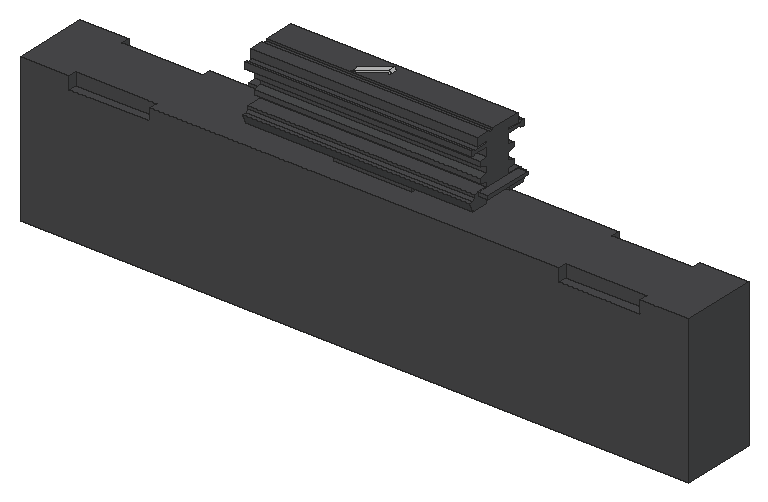
Revit family "STRIPE SINGLE HEAD RAIL 328_DTM15U3.6.90", category Luminarias, Revit 2019
Family settings
  Cota de conector redondo = Diámetro de uso
  Tipo de pieza = Normal
  Se basa en plano de trabajo = Sí
  Siempre vertical = Sí
  Corte con vacíos al cargar = No
  Origen de luz = Sí
  Compartido = No
  Punto de cálculo de habitación = No
Parameters (values of type "STRIPE SINGLE HEAD RAIL 328_DTM15U3.6.90")
  Ángulo de inclinación = 60.00°
  Ángulo de enfoque = 90.00°
  Ángulo de campo de foco = 90.00°
  Zone [instance] = ""
  Watt per fixture = 15
  Wattage = 15 W
  built-in parameter 1150107 = 2700 (stored number, unit not read)
  built-in parameter 1150110 = 1 (stored number, unit not read)
  built-in parameter 1150109 = 1 (stored number, unit not read)
  built-in parameter 1150112 = 1 (stored number, unit not read)
  built-in parameter 1150113 = 1 (stored number, unit not read)
  built-in parameter 1114218 = 1 (stored number, unit not read)
  Keynote = ""
  built-in parameter 1150137 = (empty or 0)
  built-in parameter 1150132 = (empty or 0)
  Modelo = "DTM15U3.6.90"
  Lámpara = "2835SMD SAMSUNG"
  Light Source Symbol Length = 3048 mm
  built-in parameter 1150105 = 3811.7 (stored number, unit not read)
  built-in parameter 1150102 = (empty or 0)
  built-in parameter 1150106 = 38.117 (stored number, unit not read)
  Lumens = 1140 lm
  Color Filter = 16777215
  built-in parameter 1114217 = 1 (stored number, unit not read)
  built-in parameter 1150139 = (empty or 0)
  Fabricante = "BRILLANT"
  Default Elevation = 1219.2 mm
  built-in parameter 1150104 = 7.0606 (stored number, unit not read)
  Descripción = "LUMINARIA DOWNLIGHT EN FORMATO RECTANGULAR COMPATIBLE CON RIEL DE 6 ENTRADAS Y 3 CIRCUITOS CON CABEZAL PARA PODER DIRIGIR LA LUMINARIA HASTA 30 GRADOS, CUERPO DE ALUMINIO ACABADO EN COLOR NEGRO, IP 20, PESO 0.82Kg, TIPO DE LED 2835SMD SAMSUNG CON 15W TOTAL, 1150 LUMENES, 76LM/W, IRC 90, TEMPERATURA EN BLANCO CALIDO 2700K, 50 MIL HORAS DE VIDA PROMEDIO, APERTURA DE 90 GRADOS EN STOCK, ALIMENTADO A 90-240V"
  built-in parameter 1150115 = 1 (stored number, unit not read)
  built-in parameter 1150114 = 1 (stored number, unit not read)
  Comentarios de vataje = "90-240V"
  built-in parameter 1150138 = (empty or 0)
  built-in parameter 1150134 = (empty or 0)
  Circuit [instance] = ""
  Dimming Lamp Color Temperature Shift = (empty or 0)
  Longitud de símbolo de origen de luz = 3048 mm
Reference planes
  plane 1 "Centro (Frontal/Posterior)": y = 0
  plane 2: z = 0
  plane 3 "Centro (Izquierda/Derecha)": x = 0
Forms (mm)
  Extrusion 1, solid, material "Default Form"
    sketch origin (0, 0, 0) x (1, 0, 0) y (0, 0, 1)
      loop
        line (-164, 0) -> (-164, -72) -> (164, -72) -> (164, 0) -> (-164, 0)
    from -18.326 to 18.326
  Blend 2, void
    base sketch origin (0, 0, 0) x (1, 0, 0) y (0, 1, 0)
      loop
        line (-162, 16.149) -> (-162, -16.149) -> (161.566, -16.149) -> (161.566, 16.149) -> (-162, 16.149)
    top sketch origin (0, 0, 0) x (1, 0, 0) y (0, 1, 0)
      loop
        line (-160, 12.149) -> (-160, -12.149) -> (159.246, -12.149) -> (159.246, 12.149) -> (-160, 12.149)
    from -72 to -61.591
  Extrusion 3, solid, material "Default Form"
    sketch origin (-55.628, 0, 7.5) x (0, 1, 0) y (0, 0, 1)
      loop
        line (-7.273, 1.74) -> (7.273, 1.74) -> (7.273, 0) -> (15.231, 0) -> (17.006, 4.494) -> (15.021, 4.494) -> (14.058, 5.868) -> (14.058, 7.166) -> (6.473, 7.166) -> (6.473, 9.324) -> (10.169, 10.163) -> (10.169, 12.464) -> (6.473, 13.302) -> (6.473, 16.66) -> (10.169, 17.499) -> (10.169, 19.8) -> (6.473, 20.638) -> (6.473, 25.016) -> (13.839, 25.016) -> (14.514, 24.341) -> (15.775, 24.341) -> (15.775, 27.171) -> (14.73, 27.171) -> (14.058, 26.499) -> (6.473, 26.499) -> (6.473, 27.299) -> (12.377, 27.299) -> (12.377, 31.471) -> (-2.744, 31.471) -> (-2.744, 30.671) -> (-5.514, 30.671) -> (-5.514, 31.471) -> (-12.377, 31.471) -> (-12.377, 27.299) -> (-6.473, 27.299) -> (-6.473, 26.499) -> (-14.058, 26.499) -> (-14.73, 27.171) -> (-15.775, 27.171) -> (-15.775, 24.341) -> (-14.514, 24.341) -> (-13.839, 25.016) -> (-6.473, 25.016) -> (-6.473, 20.638) -> (-10.169, 19.8) -> (-10.169, 17.499) -> (-6.473, 16.66) -> (-6.473, 13.302) -> (-10.169, 12.464) -> (-10.169, 10.163) -> (-6.473, 9.324) -> (-6.473, 7.166) -> (-14.058, 7.166) -> (-14.058, 5.868) -> (-15.021, 4.494) -> (-17.006, 4.494) -> (-15.231, 0) -> (-7.273, 0) -> (-7.273, 1.74)
    from 0 to 111.256
  Extrusion 4, solid, material "Default Form"
    sketch origin (0, 0, 0) x (1, 0, 0) y (0, 1, 0)
      loop
        line (-19.12, 6.873) -> (-19.12, -6.873) -> (19.12, -6.873) -> (19.12, 6.873) -> (-19.12, 6.873)
    from 0 to 2.67
  Extrusion 5, solid, material "Default Form"
    sketch origin (0, 0, 0) x (1, 0, 0) y (0, 1, 0)
      loop
        line (-10.93, 3.188) -> (-10.93, -3.188) -> (10.93, -3.188) -> (10.93, 3.188) -> (-10.93, 3.188)
    from 2.67 to 7.5
  Extrusion 6, void
    sketch origin (0, 0, 0) x (1, 0, 0) y (0, 1, 0)
      loop
        line (-140.14, 18.326) -> (-140.14, 14.276) -> (-100.42, 14.276) -> (-100.42, 18.326) -> (-140.14, 18.326)
      loop
        line (-140.14, -18.326) -> (-100.42, -18.326) -> (-100.42, -14.276) -> (-140.14, -14.276) -> (-140.14, -18.326)
      loop
        line (140.14, -18.326) -> (140.14, -14.276) -> (100.42, -14.276) -> (100.42, -18.326) -> (140.14, -18.326)
      loop
        line (140.14, 18.326) -> (100.42, 18.326) -> (100.42, 14.276) -> (140.14, 14.276) -> (140.14, 18.326)
    from -6.015 to 0
  Extrusion 7, solid, material "Acero Inoxidable"
    sketch origin (0, -1.594, 0) x (1, 0, 0) y (0, 0, -1)
      loop
        line (-15, -38.971) -> (3.794, -45.811) -> (4.341, -44.308) -> (3.589, -44.034) -> (3.316, -44.786) -> (-12.661, -38.971) -> (-15, -38.971)
    from 0 to 3.188
  Extrusion 8, solid, material "Default Form"
    sketch origin (0, 0, 0) x (1, 0, 0) y (0, 1, 0)
      loop
        line (-55.628, 6.473) -> (-66.331, 6.473) -> (-66.331, 0) -> (-55.628, 0) -> (-55.628, 6.473)
      loop
        line (55.628, 12.377) -> (55.628, -12.149) -> (60.628, -12.149) -> (60.628, 12.377) -> (55.628, 12.377)
    from 13.368 to 15
  Extrusion 9, solid, material "Cristal"
    sketch origin (0, 0, 0) x (1, 0, 0) y (0, 1, 0)
      loop
        line (-162, 16.149) -> (-162, -16.149) -> (161.566, -16.149) -> (161.566, 16.149) -> (-162, 16.149)
    from -72 to -70.547
Cuts and joins
  Blend 2, Extrusion 6 cuts Extrusion 1
Dimensions and locks
  equal spacing: Extrusion 1, plane 1 "Centro (Frontal/Posterior)", Extrusion 1
  Extrusion 1 to plane 1 "Centro (Frontal/Posterior)" = 18.326 mm
  Extrusion 1 to Extrusion 1 = 36.651 mm
  Extrusion 1 to Extrusion 1 = 72 mm
  Extrusion 1 to Extrusion 1 = 328 mm
  cut or joined group of Extrusion 1, Blend 2, Extrusion 6 to cut or joined group of Extrusion 1, Blend 2, Extrusion 6 = 72 mm
  cut or joined group of Extrusion 1, Blend 2, Extrusion 6 to cut or joined group of Extrusion 1, Blend 2, Extrusion 6 = 36.651 mm
  cut or joined group of Extrusion 1, Blend 2, Extrusion 6 to cut or joined group of Extrusion 1, Blend 2, Extrusion 6 = 328 mm
  equal spacing: cut or joined group of Extrusion 1, Blend 2, Extrusion 6, plane 1 "Centro (Frontal/Posterior)", cut or joined group of Extrusion 1, Blend 2, Extrusion 6
  locked: cut or joined group of Extrusion 1, Blend 2, Extrusion 6 to cut or joined group of Extrusion 1, Blend 2, Extrusion 6 at 23.86  (x2)
  aligned and locked: level to plane 2
  aligned and locked: Extrusion 5 to Extrusion 3
  aligned and locked: Extrusion 5 to Extrusion 4
Automatic sketch dimensions
  Extrusion 1 sketch curve to level = 0 mm
  Extrusion 1 sketch curve to level = 72 mm
  Extrusion 1 sketch curve to plane 3 "Centro (Izquierda/Derecha)" = 164 mm
  plane 3 "Centro (Izquierda/Derecha)" to Extrusion 1 sketch curve = 164 mm
  plane 1 "Centro (Frontal/Posterior)" to Extrusion 3 sketch curve = 17.006 mm
  plane 1 "Centro (Frontal/Posterior)" to Extrusion 3 sketch curve = 15.775 mm
  level to Extrusion 3 sketch curve = 7.5 mm  (x2)
  Extrusion 3 sketch curve to Extrusion 3 sketch curve = 1.775 mm
  Extrusion 3 sketch curve to Extrusion 3 sketch curve = 1.985 mm  (x2)
  Extrusion 3 sketch curve to Extrusion 3 sketch curve = 1.045 mm
  Extrusion 3 sketch curve to Extrusion 3 sketch curve = 1.261 mm  (x2)
  Extrusion 3 sketch curve to Extrusion 3 sketch curve = 0.963 mm  (x2)
  Extrusion 3 sketch curve to Extrusion 3 sketch curve = 0.672 mm  (x4)
  Extrusion 3 sketch curve to Extrusion 3 sketch curve = 0.675 mm  (x3)
  Extrusion 3 sketch curve to Extrusion 3 sketch curve = 2.354 mm
  Extrusion 3 sketch curve to Extrusion 3 sketch curve = 4.345 mm
  Extrusion 3 sketch curve to Extrusion 3 sketch curve = 3.89 mm  (x2)
  plane 1 "Centro (Frontal/Posterior)" to Extrusion 3 sketch curve = 7.273 mm
  Extrusion 3 sketch curve to Extrusion 3 sketch curve = 3.696 mm  (x4)
  Extrusion 3 sketch curve to Extrusion 3 sketch curve = 5.904 mm  (x2)
  Extrusion 3 sketch curve to Extrusion 3 sketch curve = 0 mm  (x3)
  Extrusion 3 sketch curve to Extrusion 3 sketch curve = 0.959 mm
  plane 1 "Centro (Frontal/Posterior)" to Extrusion 3 sketch curve = 2.744 mm
  Extrusion 3 sketch curve to plane 1 "Centro (Frontal/Posterior)" = 6.473 mm  (x2)
  Extrusion 3 sketch curve to Extrusion 3 sketch curve = 0.8 mm  (x3)
  Extrusion 3 sketch curve to Extrusion 3 sketch curve = 1.462 mm
  Extrusion 3 sketch curve to Extrusion 3 sketch curve = 0.22 mm
  Extrusion 3 sketch curve to Extrusion 3 sketch curve = 0.21 mm
  Extrusion 3 sketch curve to Extrusion 3 sketch curve = 1.74 mm
  Extrusion 3 sketch curve to Extrusion 3 sketch curve = 4.494 mm  (x2)
  Extrusion 3 sketch curve to Extrusion 3 sketch curve = 1.375 mm  (x2)
  Extrusion 3 sketch curve to Extrusion 3 sketch curve = 5.426 mm  (x2)
  Extrusion 3 sketch curve to Extrusion 3 sketch curve = 2.158 mm  (x2)
  Extrusion 3 sketch curve to Extrusion 3 sketch curve = 0.839 mm  (x8)
  Extrusion 3 sketch curve to Extrusion 3 sketch curve = 2.301 mm  (x4)
  Extrusion 3 sketch curve to Extrusion 3 sketch curve = 3.358 mm  (x2)
  Extrusion 3 sketch curve to Extrusion 3 sketch curve = 4.541 mm  (x2)
  Extrusion 3 sketch curve to Extrusion 3 sketch curve = 4.378 mm
  Extrusion 3 sketch curve to Extrusion 3 sketch curve = 1.483 mm  (x2)
  Extrusion 3 sketch curve to Extrusion 3 sketch curve = 3.372 mm
  Extrusion 3 sketch curve to Extrusion 3 sketch curve = 4.172 mm  (x2)
  plane 1 "Centro (Frontal/Posterior)" to Extrusion 4 sketch curve = 6.873 mm
  Extrusion 4 sketch curve to plane 3 "Centro (Izquierda/Derecha)" = 19.12 mm
  plane 3 "Centro (Izquierda/Derecha)" to Extrusion 4 sketch curve = 19.12 mm
  Extrusion 4 sketch curve to plane 1 "Centro (Frontal/Posterior)" = 6.873 mm
  plane 1 "Centro (Frontal/Posterior)" to Extrusion 5 sketch curve = 3.188 mm
  Extrusion 5 sketch curve to plane 3 "Centro (Izquierda/Derecha)" = 10.93 mm
  plane 3 "Centro (Izquierda/Derecha)" to Extrusion 5 sketch curve = 10.93 mm
  Extrusion 5 sketch curve to plane 1 "Centro (Frontal/Posterior)" = 3.188 mm
  Extrusion 6 sketch curve to plane 1 "Centro (Frontal/Posterior)" = 18.326 mm
  Extrusion 6 sketch curve to plane 3 "Centro (Izquierda/Derecha)" = 140.14 mm
  Extrusion 6 sketch curve to Extrusion 6 sketch curve = 0 mm  (x4)
  plane 1 "Centro (Frontal/Posterior)" to Extrusion 6 sketch curve = 18.326 mm
  Extrusion 6 sketch curve to Extrusion 6 sketch curve = 39.72 mm  (x2)
  Extrusion 6 sketch curve to plane 1 "Centro (Frontal/Posterior)" = 14.276 mm
  plane 3 "Centro (Izquierda/Derecha)" to Extrusion 6 sketch curve = 100.42 mm
  plane 1 "Centro (Frontal/Posterior)" to Extrusion 6 sketch curve = 14.276 mm
  Extrusion 6 sketch curve to Extrusion 6 sketch curve = 4.049 mm  (x4)
  Extrusion 7 sketch curve to plane 3 "Centro (Izquierda/Derecha)" = 15 mm
  Extrusion 7 sketch curve to Extrusion 7 sketch curve = 2.339 mm
  plane 3 "Centro (Izquierda/Derecha)" to Extrusion 7 sketch curve = 3.316 mm
  Extrusion 7 sketch curve to Extrusion 7 sketch curve = 0.274 mm
  Extrusion 7 sketch curve to Extrusion 7 sketch curve = 0.478 mm
  Extrusion 7 sketch curve to Extrusion 7 sketch curve = 0.752 mm
  level to Extrusion 7 sketch curve = 45.811 mm
  plane 1 "Centro (Frontal/Posterior)" to Extrusion 8 sketch curve = 0 mm
  Extrusion 8 sketch curve to plane 1 "Centro (Frontal/Posterior)" = 6.473 mm
  Extrusion 8 sketch curve to plane 3 "Centro (Izquierda/Derecha)" = 66.331 mm
  Extrusion 8 sketch curve to Extrusion 8 sketch curve = 10.703 mm
  Extrusion 8 sketch curve to plane 1 "Centro (Frontal/Posterior)" = 12.377 mm
  plane 3 "Centro (Izquierda/Derecha)" to Extrusion 8 sketch curve = 55.628 mm
  Extrusion 8 sketch curve to Extrusion 8 sketch curve = 5 mm
  plane 1 "Centro (Frontal/Posterior)" to Extrusion 8 sketch curve = 12.149 mm
  Blend 2 sketch curve to plane 1 "Centro (Frontal/Posterior)" = 16.149 mm
  Blend 2 sketch curve to plane 3 "Centro (Izquierda/Derecha)" = 162 mm
  plane 1 "Centro (Frontal/Posterior)" to Blend 2 sketch curve = 16.149 mm
  plane 3 "Centro (Izquierda/Derecha)" to Blend 2 sketch curve = 161.566 mm
  Blend 2 sketch curve to plane 1 "Centro (Frontal/Posterior)" = 12.149 mm
  Blend 2 sketch curve to plane 3 "Centro (Izquierda/Derecha)" = 160 mm
  plane 1 "Centro (Frontal/Posterior)" to Blend 2 sketch curve = 12.149 mm
  plane 3 "Centro (Izquierda/Derecha)" to Blend 2 sketch curve = 159.246 mm
  plane 1 "Centro (Frontal/Posterior)" to Extrusion 9 sketch curve = 16.149 mm
  Extrusion 9 sketch curve to plane 3 "Centro (Izquierda/Derecha)" = 162 mm
  plane 3 "Centro (Izquierda/Derecha)" to Extrusion 9 sketch curve = 161.566 mm
  Extrusion 9 sketch curve to plane 1 "Centro (Frontal/Posterior)" = 16.149 mm
Connectors
  electrical at (0, 0, 0)
    settings: on cut or joined group of Extrusion 1, Blend 2, Extrusion 6, index 1, voltage 240 V, apparent load 0 VA, apparent load phase1 0 VA, apparent load phase2 0 VA, apparent load phase3 0 VA, power factor 1, load classification "Otro", number of poles 1, system type 31, power factor state 1, is connector primary yes, connector utility no, sub classification motor no, connector description ""
